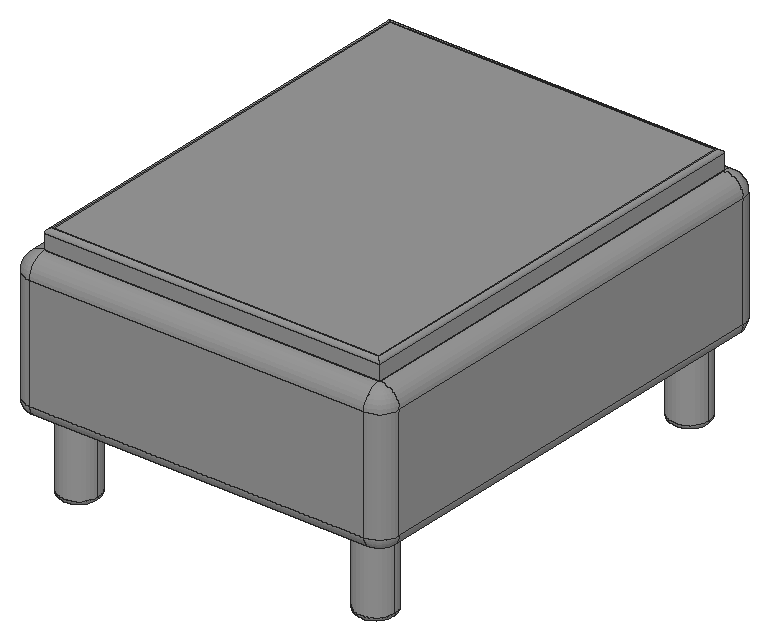
Revit family "7000T Single Bench Lam Top - Kids", category Generic Models, Revit 2018
Family settings
  Can host rebar = No
  Round Connector Dimension = Use Diameter
  Part Type = Normal
  Work Plane-Based = No
  Always vertical = Yes
  Cut with Voids When Loaded = No
  Shared = No
  Room Calculation Point = No
Parameters
  Surface = 7000T Surface
  Edgeband = 7000T Edgeband
  Fabric = 7000T Fabric
Reference planes (in)
  plane 1 "Center (Front/Back)": y = 0
  plane 2: z = 0
  plane 3 "Center (Left/Right)": x = 0
Forms (in)
  Extrusion 1, solid, material "7000T Fabric" <- "Fabric"
    sketch origin (0, 0, 0) x (1, 0, 0) y (0, 1, 0)
      loop
        arc (-8.72909, 11.25066) -> (-8.74388, 11.24454) -> (-8.75, 11.22975) r 0.02091
        line (-8.75, 11.22975) -> (-8.75, -11.22975)
        arc (-8.75, -11.22975) -> (-8.74426, -11.2436) -> (-8.73041, -11.24934) r 0.01959
        line (-8.73041, -11.24934) -> (8.73041, -11.24934)
        arc (8.73041, -11.24934) -> (8.74426, -11.2436) -> (8.75, -11.22975) r 0.01959
        line (8.75, -11.22975) -> (8.75, 11.22975)
        arc (8.75, 11.22975) -> (8.74388, 11.24454) -> (8.72909, 11.25066) r 0.02091
        line (8.72909, 11.25066) -> (-8.72909, 11.25066)
    from 4 to 11.5
  Sweep 2, solid, material "7000T Fabric" <- "Fabric"
    path origin (0, 0, 0) x (1, 0, 0) y (0, 1, 0)
      loop
        line (8.72909, 11.25066) -> (-8.72909, 11.25066)
        arc (-8.72909, 11.25066) -> (-8.74388, 11.24454) -> (-8.75, 11.22975) r 0.02091
        line (-8.75, 11.22975) -> (-8.75, -11.22975)
        arc (-8.75, -11.22975) -> (-8.74426, -11.2436) -> (-8.73041, -11.24934) r 0.01959
        line (-8.73041, -11.24934) -> (8.73041, -11.24934)
        arc (8.73041, -11.24934) -> (8.74426, -11.2436) -> (8.75, -11.22975) r 0.01959
        line (8.75, -11.22975) -> (8.75, 11.22975)
        arc (8.75, 11.22975) -> (8.74388, 11.24454) -> (8.72909, 11.25066) r 0.02091
    profile origin (0, 11.25066, 0) x (0, -1, 0) y (0, 0, 1)
      loop
        arc (0, 11.5) -> (-0.70711, 11.20711) -> (-1, 10.5) r 1
        line (-1, 10.5) -> (-1, 4.61745)
        arc (-1, 4.61745) -> (-0.85933, 4.22019) -> (-0.5, 4) r 0.63124
        line (-0.5, 4) -> (0, 4) -> (0, 11.5)
  Revolve 3, solid, material "7000C Frame"
    sketch origin (0, -10.24934, 0) x (1, 0, 0) y (0, 0, 1)
      loop
        line (-7.75, 4) -> (-7.75, 0) -> (-6.95, 0)
        arc (-6.95, 0) -> (-6.80858, 0.05858) -> (-6.75, 0.2) r 0.2
        line (-6.75, 0.2) -> (-6.75, 4) -> (-7.75, 4)
      axis (-7.75, 4) -> (-7.75, 0)
    angle from 0 to 360
  Revolve 4, solid, material "7000C Frame"
    sketch origin (0, -10.24934, 0) x (-1, 0, 0) y (0, 0, -1)
      loop
        line (-7.75, -4) -> (-6.75, -4) -> (-6.75, -0.2)
        arc (-6.75, -0.2) -> (-6.80858, -0.05858) -> (-6.95, 0) r 0.2
        line (-6.95, 0) -> (-7.75, 0) -> (-7.75, -4)
      axis (-7.75, -4) -> (-7.75, 0)
    angle from 0 to 360
  Revolve 5, solid, material "7000C Frame"
    sketch origin (0, 10.24934, 0) x (1, 0, 0) y (0, 0, -1)
      loop
        line (-7.75, -4) -> (-6.75, -4) -> (-6.75, -0.2)
        arc (-6.75, -0.2) -> (-6.80858, -0.05858) -> (-6.95, 0) r 0.2
        line (-6.95, 0) -> (-7.75, 0) -> (-7.75, -4)
      axis (-7.75, -4) -> (-7.75, 0)
    angle from 0 to 360
  Revolve 6, solid, material "7000C Frame"
    sketch origin (0, 10.24934, 0) x (-1, 0, 0) y (0, 0, 1)
      loop
        line (-7.75, 4) -> (-7.75, 0) -> (-6.95, 0)
        arc (-6.95, 0) -> (-6.80858, 0.05858) -> (-6.75, 0.2) r 0.2
        line (-6.75, 0.2) -> (-6.75, 4) -> (-7.75, 4)
      axis (-7.75, 4) -> (-7.75, 0)
    angle from 0 to 360
  Extrusion 7, solid, material "7000T Surface" <- "Surface"
    sketch origin (0, 0, 0) x (1, 0, 0) y (0, 1, 0)
      loop
        line (-8.5, 11.00066) -> (-8.5, -10.99934) -> (8.5, -10.99934) -> (8.5, 11.00066) -> (-8.5, 11.00066)
    from 11.5 to 12.5
  Sweep 8, solid, material "7000T Edgeband" <- "Edgeband"
    path origin (0, 0, 0) x (1, 0, 0) y (0, 1, 0)
      loop
        line (8.5, -10.99934) -> (8.5, 11.00066) -> (-8.5, 11.00066) -> (-8.5, -10.99934) -> (8.5, -10.99934)
    profile origin (8.5, 0.00066, 0) x (-1, 0, 0) y (0, 0, 1)
      loop
        arc (0, 12.5) -> (-0.17678, 12.42678) -> (-0.25, 12.25) r 0.25
        line (-0.25, 12.25) -> (-0.25, 11.5) -> (0, 11.5) -> (0, 12.5)
Dimensions and locks (in)
  aligned and locked: plane 2 to level
